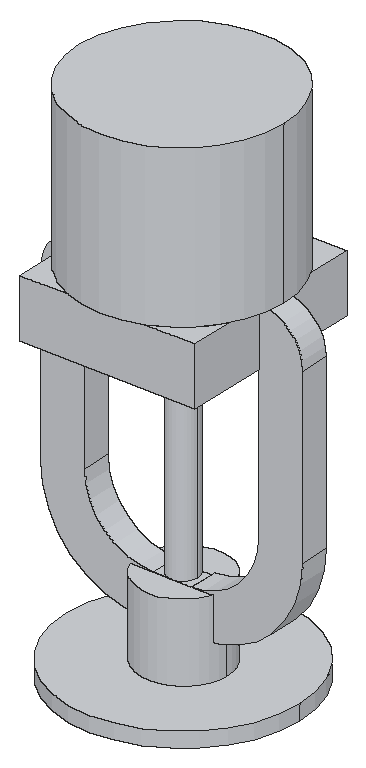
Revit family
Parameters (values of type "RASCO F156-300 PENDENT")
  Temperature Rating = 155 °F
  Response = (empty or 0)
  RASCO SIN # = "RA2514"
  RASCO Part # = "F56P1C3"
  Pressure Rating = "300 PSI"
  Pressure Class = 1
  Orifice Size = 1/2"
  Orifice = (empty or 0)
  Model = "F156-300"
  Manufacturer = "RASCO"
  K-Factor = 5.6
  Description = "Chrome Finish"
  Coverage = (empty or 0)
Reference planes (in)
  plane 1 "Center (Front/Back)": y = 0
  plane 2: z = 0
  plane 3 "Center (Left/Right)": x = 0
Dimensions and locks (in)
  aligned and locked: plane 2 to level
Nested families (in)
  nested 1: "F56P1C3" at (-0.0113, 0, 2.4375) x (-1, 0, 0) z (0, 0, -1), type "RASCO F156-300 PENDENT"
Connectors (in)
  piping at (-0.0113, 0, 2.4375)
    settings: on nested 1, index 1, connector radius 55/128", flow factor 0, pipe flow 0 GPM, pressure drop 0.00 psi, fitting loss kfactor 0, connector angle 0.00°, fixture units 0, flow configuration 0, flow direction 0, fitting loss method 0, system type 7, connector reference index -1, connector utility 0, adjustable connector no, is connector primary yes, fitting loss table "", connector description ""
Definition of nested family "F56P1C3"
  Parameters (values of type "RASCO F156-300 PENDENT")
    Type Comments = ""
    Temperature Rating = 0 °F
    Response = (empty or 0)
    Pressure Rating = "0"
    Pressure Class = (empty or 0)
    Orifice Size = 0"
    Orifice = (empty or 0)
    Model = ""
    Manufacturer = ""
    K-Factor = 0
    Description = ""
    Coverage = (empty or 0)
    Assembly Code = ""
  Reference planes (in)
    plane 1 "Center (Front/Back)": y = 0
    plane 2: z = 0
    plane 3 "ref.2": z = 0.6875
    plane 4 "ref.3": z = 0.9375
    plane 5: x = -0.38065
    plane 6: x = 0.36935
    plane 7 "ref. side 1": y = 0.06402
    plane 8 "ref. side 2": y = -0.06098
    plane 9 "ref.4": z = 1.875
    plane 10 "ref.5": z = 2.3125
    plane 11 "ref.6": z = 2.4375
  Forms (in)
    Extrusion 1, solid
      sketch origin (0, 0, 0) x (1, 0, 0) y (0, 1, 0)
        loop
          circle (0, 0) r 0.4379
      from 0 to 0.6875
    Extrusion 2, solid
      sketch origin (-0.12185, 0.05177, 0.6875) x (1, 0, 0) y (0, 1, 0)
        loop
          line (-0.2588, 0.356) -> (-0.2588, -0.4565) -> (0.4912, -0.4565) -> (0.4912, 0.356) -> (-0.2588, 0.356)
      from 0 to 0.25
    Extrusion 3, solid
      sketch origin (0, 0, 0) x (1, 0, 0) y (0, 0, 1)
        loop
          line (-0.38065, 0.68754) -> (-0.38065, 1.58397)
          arc (-0.38065, 1.58397) -> (-0.29541, 1.78976) -> (-0.08962, 1.875) r 0.29103
          line (-0.08962, 1.875) -> (0.07524, 1.875)
          arc (0.07524, 1.875) -> (0.28321, 1.78886) -> (0.36935, 1.58089) r 0.29411
          line (0.36935, 1.58089) -> (0.36935, 0.68751)
          arc (0.36935, 0.68751) -> (0.50207, 0.74393) -> (0.55685, 0.87734) r 0.18984
          line (0.55685, 0.87734) -> (0.55685, 1.61676)
          arc (0.55685, 1.61676) -> (0.42629, 1.93194) -> (0.11111, 2.0625) r 0.44574
          line (0.11111, 2.0625) -> (-0.12259, 2.0625)
          arc (-0.12259, 2.0625) -> (-0.43765, 1.932) -> (-0.56815, 1.61694) r 0.44556
          line (-0.56815, 1.61694) -> (-0.56815, 0.87876)
          arc (-0.56815, 0.87876) -> (-0.51345, 0.74486) -> (-0.38065, 0.68754) r 0.19126
      from -0.06402 to 0.06098
    Extrusion 4, solid
      sketch origin (0, 0, 0.9375) x (-1, 0, 0) y (0, -1, 0)
        loop
          circle (0.00574, -0.00152) r 0.0625
      from 0 to 0.9375
    Extrusion 5, solid
      sketch origin (0, 0, 1.875) x (-1, 0, 0) y (0, -1, 0)
        loop
          circle (0.00574, -0.00152) r 0.1875
      from 0 to 0.4375
    Extrusion 6, solid
      sketch origin (0, 0, 2.3125) x (0, -1, 0) y (1, 0, 0)
        loop
          circle (-0.00152, -0.00574) r 0.5
      from -0.10531 to -0.03987
  Cuts and joins
    joined: Extrusion 1, Extrusion 2, Extrusion 4
  Lines and regions (in)
    model lines
      curve 1: line (-0.00574, 0.06402, 1.875) -> (-0.00574, -0.06098, 1.875)
